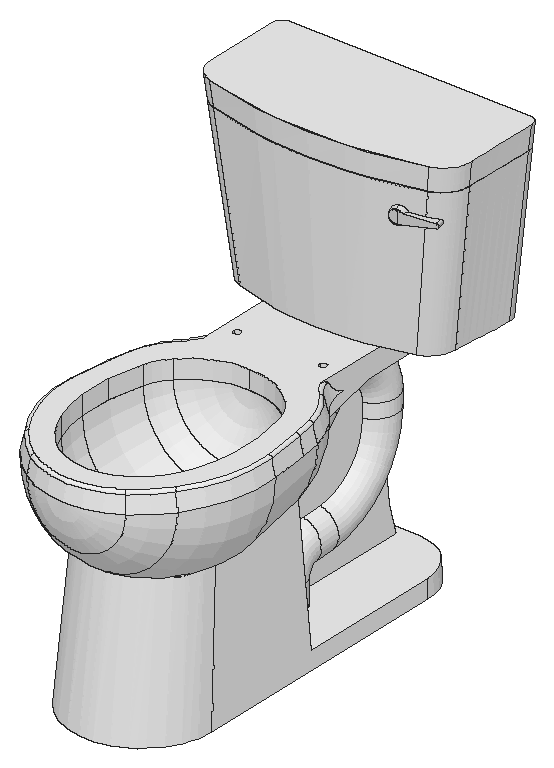
Revit family "Plumbing-Pressure-Assist-Water-Closet-Sloan-Valve-WETS-80298118z", category Plumbing Fixtures, host Face, Revit 2021 (continued)
Automatic sketch dimensions
  Masking region 1 sketch curve to Masking region 1 sketch curve = 8 3/8"
  Masking region 1 sketch curve to Masking region 1 sketch curve = 9 3/4"
  Masking region 1 sketch curve to Masking region 1 sketch curve = 3.22134"
  Masking region 1 sketch curve to Masking region 1 sketch curve = 1 1/4"
  Masking region 1 sketch curve to Masking region 1 sketch curve = 18.90159"
  Masking region 1 sketch curve to Masking region 1 sketch curve = 19.0791"
  Masking region 2 sketch curve to Masking region 2 sketch curve = 0"  (x21)
  Masking region 2 sketch curve to Masking region 2 sketch curve = 3/4"
  Masking region 2 sketch curve to Masking region 2 sketch curve = 1.02866"
  Masking region 2 sketch curve to Masking region 2 sketch curve = 2"  (x2)
  Masking region 2 sketch curve to Masking region 2 sketch curve = 2 1/4"  (x2)
  Masking region 2 sketch curve to Masking region 2 sketch curve = 2.79716"
  Masking region 2 sketch curve to Masking region 2 sketch curve = 0.52667"  (x2)
  Masking region 2 sketch curve to Masking region 2 sketch curve = 1.24583"
  Masking region 2 sketch curve to Masking region 2 sketch curve = 1.55117"  (x2)
  Masking region 2 sketch curve to Masking region 2 sketch curve = 1.66402"
  Masking region 2 sketch curve to Masking region 2 sketch curve = 0.70915"  (x2)
  Masking region 2 sketch curve to Masking region 2 sketch curve = 2.22418"  (x2)
  Masking region 2 sketch curve to Masking region 2 sketch curve = 0.38996"  (x2)
  Masking region 2 sketch curve to Masking region 2 sketch curve = 3.913"
  Masking region 2 sketch curve to Masking region 2 sketch curve = 4.50109"  (x2)
  Masking region 2 sketch curve to Masking region 2 sketch curve = 2.37129"  (x2)
  Masking region 2 sketch curve to Masking region 2 sketch curve = 2.31605"  (x2)
  Masking region 2 sketch curve to Masking region 2 sketch curve = 2.56575"  (x2)
  Masking region 2 sketch curve to Masking region 2 sketch curve = 5 33/128"
  Masking region 2 sketch curve to Masking region 2 sketch curve = 5.26793"
  Masking region 2 sketch curve to Masking region 2 sketch curve = 0.29604"  (x2)
  Masking region 2 sketch curve to Masking region 2 sketch curve = 17.12237"
  Masking region 2 sketch curve to Masking region 2 sketch curve = 8 3/8"
  Masking region 2 sketch curve to Masking region 2 sketch curve = 9 3/4"
  Masking region 2 sketch curve to Masking region 2 sketch curve = 3.22134"
  Masking region 2 sketch curve to Masking region 2 sketch curve = 1 1/4"
  Masking region 2 sketch curve to Masking region 2 sketch curve = 18.90159"
  Masking region 2 sketch curve to Masking region 2 sketch curve = 19.0791"
  Extrusion 19 sketch curve to Extrusion 19 sketch curve = 2.41998"
  Extrusion 19 sketch curve to Extrusion 19 sketch curve = 0.01099"
  Extrusion 19 sketch curve to Extrusion 19 sketch curve = 0.0192"
  Extrusion 19 sketch curve to Extrusion 19 sketch curve = 0.29949"
  Extrusion 19 sketch curve to Extrusion 19 sketch curve = 0.15636"
  Extrusion 19 sketch curve to Extrusion 19 sketch curve = 0.78299"
  Revolve 20 sketch curve to Revolve 20 sketch curve = 0.48262"
  Revolve 20 sketch curve to Revolve 20 sketch curve = 1/2"
  Revolve 20 sketch curve to Revolve 20 sketch curve = 0.15681"
  Revolve 20 sketch curve to Revolve 20 sketch curve = 0.02676"
  Revolve 20 sketch curve to Revolve 20 sketch curve = 0.66246"
  Revolve 20 sketch curve to Revolve 20 sketch curve = 0"  (x2)
  Revolve 20 sketch curve to Revolve 20 sketch curve = 0.11261"
  plane 7 to Sweep 3 sketch curve = 16.44118"
  plane 7 to Sweep 3 sketch curve = 11 1/4"
  Sweep 3 sketch curve to Sweep 3 sketch curve = 1.57944"
  Sweep 3 sketch curve to Sweep 3 sketch curve = 1.22254"
  Sweep 3 sketch curve to Sweep 3 sketch curve = 1.50376"
  Sweep 3 sketch curve to Sweep 3 sketch curve = 2.37343"
  Sweep 3 sketch curve to Sweep 3 sketch curve = 3"
  Sweep 3 sketch curve to Sweep 3 sketch curve = 0.23912"
  Sweep 3 sketch curve to Sweep 3 sketch curve = 2.19457"
  Sweep 3 sketch curve to Sweep 3 sketch curve = 1.02691"
  Sweep 3 sketch curve to Sweep 3 sketch curve = 6.01869"
  Sweep 3 sketch curve to Sweep 3 sketch curve = 5.81653"
  Sweep 3 sketch curve to Sweep 3 sketch curve = 0.44425"
  Sweep 3 sketch curve to Sweep 3 sketch curve = 0"
  Sweep 3 sketch curve to Sweep 3 sketch curve = 1.66667"
  Sweep 3 sketch curve to Sweep 3 sketch curve = 0.07881"
  Sweep 3 sketch curve to Sweep 3 sketch curve = 2.69248"
  Extrusion 21 sketch curve to plane 7 = 0"
  plane 7 to Extrusion 21 sketch curve = 8 3/4"
  Extrusion 21 sketch curve to Extrusion 21 sketch curve = 1.81579"
  plane 11 to Blend 22 sketch curve = 23 1/2"
  Blend 22 sketch curve to Blend 22 sketch curve = 3 1/2"  (x2)
  Blend 22 sketch curve to Blend 22 sketch curve = 4 7/8"
  Blend 22 sketch curve to Blend 22 sketch curve = 2 3/4"
  plane 11 to Blend 22 sketch curve = 4 67/128"
  plane 11 to Blend 22 sketch curve = 22.25397"
  plane 11 to Blend 22 sketch curve = 1 3/128"
  Blend 22 sketch curve to Blend 22 sketch curve = 4 5/16"
  Blend 22 sketch curve to Blend 22 sketch curve = 1 5/8"
  plane 11 to Extrusion 23 sketch curve = 13.77953"
  Extrusion 23 sketch curve to Extrusion 23 sketch curve = 5.00662"
  Extrusion 23 sketch curve to Extrusion 23 sketch curve = 1.37144"
  Extrusion 23 sketch curve to Extrusion 23 sketch curve = 0.83072"
  plane 11 to Extrusion 23 sketch curve = 2.01421"
  plane 11 to Extrusion 23 sketch curve = 1.80632"
  Extrusion 23 sketch curve to Extrusion 23 sketch curve = 1.24829"
  Extrusion 23 sketch curve to Extrusion 23 sketch curve = 2.7937"
  Sweep 24 sketch curve to profile plane = 0"  (x2)
  plane 11 to Extrusion 25 sketch curve = 25.07129"
  Extrusion 25 sketch curve to Extrusion 25 sketch curve = 6.25633"
  Extrusion 25 sketch curve to Extrusion 25 sketch curve = 0.63587"
  Extrusion 25 sketch curve to Extrusion 25 sketch curve = 7.2727"
  Extrusion 25 sketch curve to Extrusion 25 sketch curve = 1.99428"
  Extrusion 25 sketch curve to Extrusion 25 sketch curve = 1.03117"
  plane 11 to Extrusion 25 sketch curve = 1.54092"
  plane 11 to Extrusion 25 sketch curve = 1.93503"
  Extrusion 25 sketch curve to plane 11 = 12.09356"
  Extrusion 25 sketch curve to Extrusion 25 sketch curve = 5.1955"
  Extrusion 25 sketch curve to Extrusion 25 sketch curve = 7.268"
  Extrusion 25 sketch curve to Extrusion 25 sketch curve = 4 19/256"
  Extrusion 25 sketch curve to Extrusion 25 sketch curve = 4.71404"
  Extrusion 25 sketch curve to Extrusion 25 sketch curve = 3.46658"
  Extrusion 25 sketch curve to Extrusion 25 sketch curve = 0.2571"
  Extrusion 25 sketch curve to Extrusion 25 sketch curve = 0"
  plane 8 to Blend 26 sketch curve = 0.21467"
  plane 8 to Blend 26 sketch curve = 0.58558"
  plane 11 to Blend 26 sketch curve = 5/16"
  plane 8 to Blend 26 sketch curve = 0.96182"
  Blend 26 sketch curve to Blend 26 sketch curve = 1.99239"
  plane 8 to Blend 26 sketch curve = 7 15/16"
  plane 9 to Blend 26 sketch curve = 2.57797"
  plane 9 to Blend 26 sketch curve = 0.96182"
  plane 9 to Blend 26 sketch curve = 0.58558"
  plane 9 to Blend 26 sketch curve = 0.21467"
  Blend 26 sketch curve to Blend 26 sketch curve = 3/4"  (x3)
  Blend 26 sketch curve to Blend 26 sketch curve = 4.13053"  (x2)
  Blend 26 sketch curve to Blend 26 sketch curve = 0.17431"  (x2)
  Blend 26 sketch curve to plane 11 = 9.28691"
  Blend 26 sketch curve to Blend 26 sketch curve = 0"  (x2)
  plane 11 to Blend 26 sketch curve = 0"
  plane 11 to Blend 26 sketch curve = 6 1/128"  (x2)
  Blend 26 sketch curve to Blend 26 sketch curve = 2"
  Blend 26 sketch curve to Blend 26 sketch curve = 8 3/8"
  Blend 26 sketch curve to Blend 26 sketch curve = 14 1/4"
  plane 11 to Blend 26 sketch curve = 3/4"
  Blend 26 sketch curve to Blend 26 sketch curve = 1 1/4"
  Blend 26 sketch curve to plane 11 = 19.0791"
  plane 11 to Revolve 27 sketch curve = 18.41431"
  Revolve 27 sketch curve to Revolve 27 sketch curve = 0.38226"
  Revolve 27 sketch curve to Revolve 27 sketch curve = 213/256"
  Revolve 27 sketch curve to Revolve 27 sketch curve = 0"  (x10)
  Revolve 27 sketch curve to Revolve 27 sketch curve = 1.55117"
  Revolve 27 sketch curve to Revolve 27 sketch curve = 0.52667"
  Revolve 27 sketch curve to Revolve 27 sketch curve = 1.06316"
  Revolve 27 sketch curve to Revolve 27 sketch curve = 0.55817"
  Revolve 27 sketch curve to Revolve 27 sketch curve = 4.78572"
  Revolve 27 sketch curve to Revolve 27 sketch curve = 17.76248"
  Revolve 27 sketch curve to Revolve 27 sketch curve = 1.12242"
  Revolve 27 sketch curve to Revolve 27 sketch curve = 1.54616"
  Revolve 27 sketch curve to Revolve 27 sketch curve = 1.91616"
  Revolve 27 sketch curve to Revolve 27 sketch curve = 0.22012"
  Revolve 27 sketch curve to Revolve 27 sketch curve = 0.002"
  Revolve 27 sketch curve to Revolve 27 sketch curve = 0.38996"
  Revolve 27 sketch curve to Revolve 27 sketch curve = 2.4971"
  Revolve 27 sketch curve to Revolve 27 sketch curve = 1.76271"
  Revolve 27 sketch curve to Revolve 27 sketch curve = 0.46147"
  Revolve 27 sketch curve to Revolve 27 sketch curve = 1.76813"
  Revolve 27 sketch curve to Revolve 27 sketch curve = 2.37097"
  Revolve 27 sketch curve to Revolve 27 sketch curve = 1.94676"
  Revolve 27 sketch curve to Revolve 27 sketch curve = 0.65231"
  Revolve 27 sketch curve to Revolve 27 sketch curve = 3.62883"
  Revolve 27 sketch curve to Revolve 27 sketch curve = 2.41279"
  Revolve 27 sketch curve to Revolve 27 sketch curve = 0.18389"
  Revolve 27 sketch curve to Revolve 27 sketch curve = 1/2"
  Extrusion 28 sketch curve to Extrusion 28 sketch curve = 0.67182"
  Extrusion 28 sketch curve to Extrusion 28 sketch curve = 1.77234"
  Extrusion 28 sketch curve to Extrusion 28 sketch curve = 1.545"  (x2)
  Extrusion 28 sketch curve to Extrusion 28 sketch curve = 93/128"
  Extrusion 28 sketch curve to Extrusion 28 sketch curve = 0.40828"
  Extrusion 28 sketch curve to Extrusion 28 sketch curve = 2.54228"
  Extrusion 28 sketch curve to Extrusion 28 sketch curve = 2.74948"
  Blend 29 sketch curve to Blend 29 sketch curve = 0.99706"
  Blend 29 sketch curve to Blend 29 sketch curve = 0.24541"
  Blend 29 sketch curve to Blend 29 sketch curve = 1 13/16"
  Blend 29 sketch curve to Blend 29 sketch curve = 0.37271"
  Blend 30 sketch curve to Blend 30 sketch curve = 1 13/16"  (x2)
  Blend 30 sketch curve to Blend 30 sketch curve = 0.37271"
  Blend 30 sketch curve to Blend 30 sketch curve = 1.15396"
  plane 11 to Sweep 31 sketch curve = 26.57715"
  Sweep 31 sketch curve to Sweep 31 sketch curve = 9.12902"
  Sweep 31 sketch curve to Sweep 31 sketch curve = 0.84594"
  Sweep 31 sketch curve to Sweep 31 sketch curve = 3.46596"
  Sweep 31 sketch curve to Sweep 31 sketch curve = 1.9345"
  Sweep 31 sketch curve to Sweep 31 sketch curve = 0.18533"
  Sweep 31 sketch curve to Sweep 31 sketch curve = 1.3913"
  Sweep 31 sketch curve to Sweep 31 sketch curve = 1.1687"
  Sweep 31 sketch curve to Sweep 31 sketch curve = 3.42714"
  Sweep 31 sketch curve to Sweep 31 sketch curve = 1.86098"
  Sweep 31 sketch curve to Sweep 31 sketch curve = 1.34254"
  Sweep 31 sketch curve to Sweep 31 sketch curve = 1.96082"
  Sweep 31 sketch curve to Sweep 31 sketch curve = 0"  (x3)
  Sweep 31 sketch curve to Sweep 31 sketch curve = 2.59819"
  Sweep 31 sketch curve to profile plane = 0"
  Sweep 31 sketch curve to profile plane = 0.99706"  (x2)
  Sweep 32 sketch curve to Sweep 32 sketch curve = 0"  (x12)
  Sweep 32 sketch curve to plane 10 = 0"  (x4)
  plane 10 to Sweep 32 sketch curve = 5.70094"  (x2)
  plane 11 to Sweep 32 sketch curve = 10.88962"
  Sweep 32 sketch curve to Sweep 32 sketch curve = 18.15103"  (x2)
  Sweep 32 sketch curve to Sweep 32 sketch curve = 4"  (x2)
  Sweep 32 sketch curve to Sweep 32 sketch curve = 2.01849"
  Sweep 32 sketch curve to Sweep 32 sketch curve = 0.52667"  (x2)
  Sweep 32 sketch curve to Sweep 32 sketch curve = 1.24583"
  Sweep 32 sketch curve to Sweep 32 sketch curve = 1.55117"  (x2)
  Sweep 32 sketch curve to Sweep 32 sketch curve = 1.66402"
  Sweep 32 sketch curve to Sweep 32 sketch curve = 3.26432"
  plane 10 to Sweep 32 sketch curve = 4.99179"
  Sweep 32 sketch curve to Sweep 32 sketch curve = 2.22418"
  Sweep 32 sketch curve to Sweep 32 sketch curve = 0.38996"  (x2)
  Sweep 32 sketch curve to Sweep 32 sketch curve = 3.913"
  Sweep 32 sketch curve to Sweep 32 sketch curve = 6.87238"
  Sweep 32 sketch curve to Sweep 32 sketch curve = 5.26793"
  Sweep 32 sketch curve to Sweep 32 sketch curve = 0.29604"  (x2)
  Sweep 32 sketch curve to Sweep 32 sketch curve = 4.31887"  (x2)
  Sweep 32 sketch curve to profile plane = 0"
  Sweep 32 sketch curve to profile plane = 0.25828"
  Sweep 32 sketch curve to Sweep 32 sketch curve = 0.24359"
  Sweep 32 sketch curve to profile plane = 0.71616"
  profile plane to Sweep 32 sketch curve = 14 3/16"
  Sweep 32 sketch curve to Sweep 32 sketch curve = 1 1/16"
  Sweep 32 sketch curve to Sweep 32 sketch curve = 0.05624"
  Extrusion 33 sketch curve to Extrusion 33 sketch curve = 0"  (x20)
  plane 11 to Extrusion 33 sketch curve = 21.08289"
  Extrusion 33 sketch curve to Extrusion 33 sketch curve = 4.78572"  (x2)
  Extrusion 33 sketch curve to Extrusion 33 sketch curve = 0.55817"  (x2)
  Extrusion 33 sketch curve to Extrusion 33 sketch curve = 1.92673"  (x2)
  Extrusion 33 sketch curve to Extrusion 33 sketch curve = 3.141"
  Extrusion 33 sketch curve to Extrusion 33 sketch curve = 1.21427"  (x2)
  Extrusion 33 sketch curve to Extrusion 33 sketch curve = 0.37"  (x2)
  Extrusion 33 sketch curve to Extrusion 33 sketch curve = 0.22012"  (x2)
  Extrusion 33 sketch curve to Extrusion 33 sketch curve = 2.15467"
  Extrusion 33 sketch curve to Extrusion 33 sketch curve = 2.13627"
  Extrusion 33 sketch curve to Extrusion 33 sketch curve = 1.12242"  (x2)
  Extrusion 33 sketch curve to Extrusion 33 sketch curve = 1.58443"
  Extrusion 33 sketch curve to Extrusion 33 sketch curve = 1.57431"  (x2)
  Extrusion 34 sketch curve to Extrusion 34 sketch curve = 0"  (x15)
  plane 11 to Extrusion 34 sketch curve = 23.57999"  (x2)
  plane 11 to Extrusion 34 sketch curve = 10.88962"
  Extrusion 34 sketch curve to Extrusion 34 sketch curve = 18.15103"  (x2)
  Extrusion 34 sketch curve to Extrusion 34 sketch curve = 4"  (x2)
  Extrusion 34 sketch curve to Extrusion 34 sketch curve = 2.01849"
  Extrusion 34 sketch curve to Extrusion 34 sketch curve = 0.52667"  (x2)
  Extrusion 34 sketch curve to Extrusion 34 sketch curve = 1.24583"
  Extrusion 34 sketch curve to Extrusion 34 sketch curve = 1.55117"  (x2)
  Extrusion 34 sketch curve to Extrusion 34 sketch curve = 1.66402"
  Extrusion 34 sketch curve to Extrusion 34 sketch curve = 3.26432"
  Extrusion 34 sketch curve to Extrusion 34 sketch curve = 13.39952"
  Extrusion 34 sketch curve to Extrusion 34 sketch curve = 2.22418"  (x2)
  Extrusion 34 sketch curve to Extrusion 34 sketch curve = 0.38996"  (x2)
  Extrusion 34 sketch curve to Extrusion 34 sketch curve = 3.913"
  Extrusion 34 sketch curve to Extrusion 34 sketch curve = 3.98247"
  Extrusion 34 sketch curve to Extrusion 34 sketch curve = 0.39147"  (x2)
  Extrusion 34 sketch curve to Extrusion 34 sketch curve = 2.49844"
  Extrusion 34 sketch curve to Extrusion 34 sketch curve = 4.55398"
  Extrusion 34 sketch curve to Extrusion 34 sketch curve = 0.28975"  (x2)
  plane 11 to Extrusion 35 sketch curve = 15 3/4"
  Extrusion 35 sketch curve to Extrusion 35 sketch curve = 1.03091"
  Extrusion 35 sketch curve to plane 11 = 0.34835"
  Extrusion 35 sketch curve to Extrusion 35 sketch curve = 14.74266"
  plane 11 to Revolve 36 sketch curve = 18.41431"
  Revolve 36 sketch curve to Revolve 36 sketch curve = 1.21427"
  Revolve 36 sketch curve to Revolve 36 sketch curve = 3.141"
  Revolve 36 sketch curve to Revolve 36 sketch curve = 0.55817"
  Revolve 36 sketch curve to Revolve 36 sketch curve = 4.78572"
  Revolve 36 sketch curve to Revolve 36 sketch curve = 1.12242"
  Revolve 36 sketch curve to Revolve 36 sketch curve = 1.54616"
  Revolve 36 sketch curve to Revolve 36 sketch curve = 1.91616"
  Revolve 36 sketch curve to Revolve 36 sketch curve = 0.22012"
  Revolve 36 sketch curve to Revolve 36 sketch curve = 2.15467"
  Revolve 36 sketch curve to Revolve 36 sketch curve = 4.85057"
  Revolve 36 sketch curve to Revolve 36 sketch curve = 4.53114"
  Revolve 36 sketch curve to Revolve 36 sketch curve = 0"  (x5)
  Revolve 36 sketch curve to Revolve 36 sketch curve = 2.34667"
  Revolve 36 sketch curve to Revolve 36 sketch curve = 1/2"
  plane 11 to Extrusion 37 sketch curve = 11 3/8"
  Extrusion 37 sketch curve to Extrusion 37 sketch curve = 6"
  Extrusion 37 sketch curve to Extrusion 37 sketch curve = 0"
  Extrusion 38 sketch curve to Extrusion 38 sketch curve = 0"  (x17)
  plane 11 to Extrusion 38 sketch curve = 0"
  plane 11 to Extrusion 38 sketch curve = 6 1/128"  (x2)
  Extrusion 38 sketch curve to Extrusion 38 sketch curve = 1/4"
  Extrusion 38 sketch curve to Extrusion 38 sketch curve = 1/2"
  Extrusion 38 sketch curve to Extrusion 38 sketch curve = 1 3/4"  (x2)
  Extrusion 38 sketch curve to Extrusion 38 sketch curve = 8 3/8"
  Extrusion 38 sketch curve to Extrusion 38 sketch curve = 14 1/4"
  Extrusion 38 sketch curve to Extrusion 38 sketch curve = 1 1/4"
  Extrusion 38 sketch curve to plane 11 = 19.0791"
  Extrusion 39 sketch curve to Extrusion 39 sketch curve = 2.41998"
  Extrusion 39 sketch curve to Extrusion 39 sketch curve = 0.01099"
  Extrusion 39 sketch curve to Extrusion 39 sketch curve = 0.0192"
  Extrusion 39 sketch curve to Extrusion 39 sketch curve = 0.29949"
  Extrusion 39 sketch curve to Extrusion 39 sketch curve = 0.15636"
  Extrusion 39 sketch curve to Extrusion 39 sketch curve = 0.78299"
  Revolve 40 sketch curve to Revolve 40 sketch curve = 0.48262"
  Revolve 40 sketch curve to Revolve 40 sketch curve = 1/2"
  Revolve 40 sketch curve to Revolve 40 sketch curve = 0.15681"
  Revolve 40 sketch curve to Revolve 40 sketch curve = 0.02676"
  Revolve 40 sketch curve to Revolve 40 sketch curve = 0.66246"
  Revolve 40 sketch curve to Revolve 40 sketch curve = 0"  (x2)
  Revolve 40 sketch curve to Revolve 40 sketch curve = 0.11261"
  plane 11 to Sweep 24 sketch curve = 16.44118"
  plane 11 to Sweep 24 sketch curve = 11 1/4"
  Sweep 24 sketch curve to Sweep 24 sketch curve = 1.57944"
  Sweep 24 sketch curve to Sweep 24 sketch curve = 1.22254"
  Sweep 24 sketch curve to Sweep 24 sketch curve = 1.50376"
  Sweep 24 sketch curve to Sweep 24 sketch curve = 2.37343"
  Sweep 24 sketch curve to Sweep 24 sketch curve = 3"
  Sweep 24 sketch curve to Sweep 24 sketch curve = 0.23912"
  Sweep 24 sketch curve to Sweep 24 sketch curve = 2.19457"
  Sweep 24 sketch curve to Sweep 24 sketch curve = 1.02691"
  Sweep 24 sketch curve to Sweep 24 sketch curve = 6.01869"
  Sweep 24 sketch curve to Sweep 24 sketch curve = 5.81653"
  Sweep 24 sketch curve to Sweep 24 sketch curve = 0.44425"
  Sweep 24 sketch curve to Sweep 24 sketch curve = 0"
  Sweep 24 sketch curve to Sweep 24 sketch curve = 1.66667"
  Sweep 24 sketch curve to Sweep 24 sketch curve = 0.07881"
  Sweep 24 sketch curve to Sweep 24 sketch curve = 2.69248"
  Extrusion 41 sketch curve to plane 11 = 0"
  plane 11 to Extrusion 41 sketch curve = 8 3/4"
  Extrusion 41 sketch curve to Extrusion 41 sketch curve = 1.81579"
  radius of Sweep 3 sketch curve = 1 1/2"
  radius of Extrusion 5 sketch curve = 1/4"
  radius of Extrusion 17 sketch curve = 1/4"  (x2)
  radius of Sweep 24 sketch curve = 1 1/2"
  radius of Extrusion 37 sketch curve = 1/4"  (x2)
Connectors
  piping at (-152.4, 0, 254), diameter 12.7, driven by "Cold Water Connection Diameter", driven by "CWFU", driven by "Valve Pressure Drop", driven by "Cold Water Connector Description"
    settings: on Extrusion 5, index 1, connector inside diameter 24", connector length 0", flow factor 0, pipe flow 0 GPM, pressure drop 0.00 psi, fitting loss kfactor 0, connector angle 0.00°, fixture units 10, engagement length 0", angle of deflection 0.00°, flow configuration 3, flow direction 1, fitting loss method 4, system type 20, joint type 0, gender type 0, connector reference index -1, connector utility 0, adjustable connector no, is connector primary yes, connector description "Cold Water Connector d1/2\""
  piping at (0, -304.8, 0), diameter 53.975, driven by "Sanitary Drain Connection Diameter", driven by "WFU", driven by "Sanitary Drain Connector Description"
    settings: on Sweep 3, index 2, connector inside diameter 24", connector length 0", flow factor 0, pipe flow 0 GPM, pressure drop 0.00 psi, fitting loss kfactor 0, connector angle 0.00°, fixture units 10, engagement length 0", angle of deflection 0.00°, flow configuration 3, flow direction 2, fitting loss method 0, system type 16, joint type 0, gender type 0, connector reference index -1, connector utility 0, adjustable connector no, is connector primary no, connector description "Sanitary Drain Connector d2 1/8\""
Types (3): name | Water Closet Code | Product Material | Part Number | Model | Description
  (no name) | "2178029" | Sloan Valve - Vitreous China - SloanTec Glaze White | "WETS-8029.8118-STG" | "WETS-8029.8118-STG" | "Floor-Mounted 0.75 gpf (2.84 Lpf) ADA 12\" Rough-in Pressure-Assisted/Tank Toilet with SloanTec® Glaze."
  WETS-8029.8118 | "2108029" | Sloan Valve - Vitreous China - White | "WETS-8029.8118" | "WETS-8029.8118" | "Floor-Mounted 0.75 gpf (2.84 Lpf) ADA 12\" Rough-in Pressure-Assisted/Tank Toilet."
  WETS-8029.8118-STG | "2178029" | Sloan Valve - Vitreous China - SloanTec Glaze White | "WETS-8029.8118-STG" | "WETS-8029.8118-STG" | "Floor-Mounted 0.75 gpf (2.84 Lpf) ADA 12\" Rough-in Pressure-Assisted/Tank Toilet with SloanTec® Glaze."
